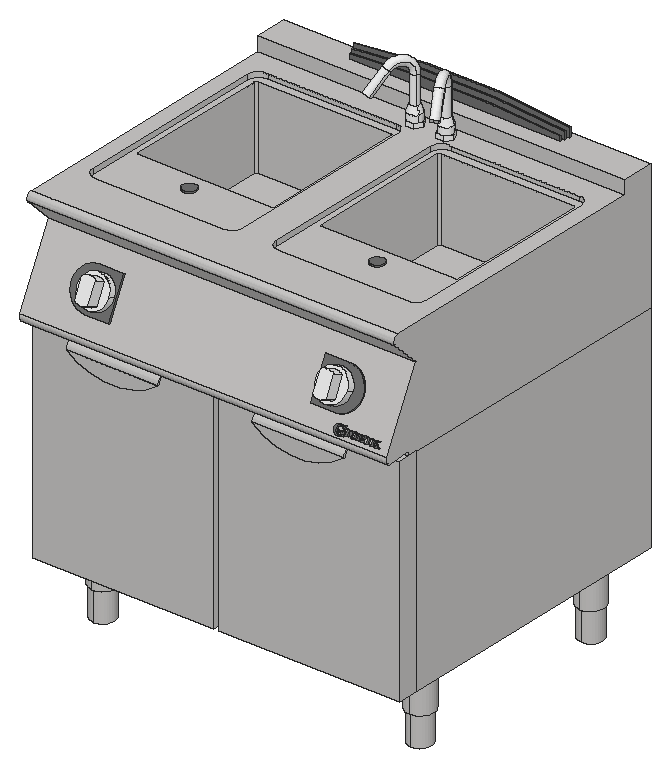
Revit family "QF_GIORIK_CPG746", category Specialty Equipment, Revit 2014
Parameters (values of type "CPG746")
  Weight in Pounds = 176.3696
  Waste Water Discharge Temperature [instance] = 0 °C
  URL Cutsheet = "www.giorik.com"
  URL = "www.giorik.com"
  Status [instance] = ""
  Specification by User [instance] = ""
  Specification by Manufacturer = ""
  Show Logo [instance] = yes
  Show Clearance [instance] = yes
  Serial Number = ""
  Seismic Rating = ""
  SMACNA No = ""
  Revision Code [instance] = ""
  Plumbing Remarks [instance] = ""
  Plumbing Connection Type [instance] = ""
  NAFEM Spec ID Number = ""
  Model = "CPG746"
  Masterspec = ""
  Manufacturer = "GIORIK"
  Item Number [instance] = ""
  Installed By [instance] = ""
  Indirect Waste Size = 1"
  Indirect Waste Flow = 0.0 L/s
  Indirect Waste Connection Type [instance] = ""
  Indirect Waste Connection Height [instance] = 150 mm
  Identify Quantity as Lot [instance] = no
  Gas Size = 1"
  Gas RI Height [instance] = 0 mm
  Gas KW = 20
  Gas Input = 20000 W
  Gas Connection Height [instance] = 150 mm
  Furnished By [instance] = ""
  Foodservice Equipment Identifier [instance] = yes
  Description = "26+26 LITRE TWIN TANK GAS PASTA COOKER."
  Cold Water Temperature Recommended = 0 °C
  Cold Water Size = 1/2"
  Cold Water RI Height [instance] = 150 mm
  Cold Water Minimum Pressure = 20000.0 Pa
  Cold Water Maximum Pressure = 50000.0 Pa
  Cold Water Flow [instance] = 0.0 L/s
  Cold Water Consumption [instance] = ""
  Cold Water Connection Height [instance] = 150 mm
  CSI MasterFormat = ""
  Assembly Code = "E1090320"
Reference planes
  plane 1 "Back": y = 0
  plane 2: z = 0
  plane 3 "Left": x = 0
  plane 4 "Right": x = 800
  plane 5 "Front": y = -720
  plane 6 "Top": z = 900
Forms (mm)
  Extrusion 1, solid, visible <- "Show Logo"
    sketch origin (586.604, -736.761, 609.486) x (-1, 0, 0) y (0, 0.452718, 0.891654)
      loop
        line (-118.824, 58.358) -> (-127.804, 58.358) -> (-125.523, 56.445) -> (-125.523, 48.027) -> (-127.804, 46.113) -> (-118.824, 46.113) -> (-121.105, 48.027) -> (-121.105, 56.445) -> (-118.824, 58.358)
      loop
        line (-163.721, 58.358) -> (-172.7, 58.358) -> (-170.42, 56.445) -> (-170.42, 48.027) -> (-172.7, 46.113) -> (-163.721, 46.113) -> (-166.001, 48.027) -> (-166.001, 56.445) -> (-163.721, 58.358)
      loop
        line (-174.332, 58.358) -> (-183.312, 58.358) -> (-181.031, 56.445) -> (-181.031, 52.435) -> (-186.419, 56.955) -> (-184.416, 58.358) -> (-191.268, 58.358) -> (-188.01, 56.839) -> (-185.455, 54.283) -> (-190.846, 47.858) -> (-193.396, 46.93) -> (-193.396, 46.113) -> (-184.416, 46.113) -> (-185.437, 47.571) -> (-182.443, 51.552) -> (-181.031, 50.894) -> (-181.031, 48.027) -> (-183.312, 46.113) -> (-174.332, 46.113) -> (-176.613, 48.027) -> (-176.613, 56.445) -> (-174.332, 58.358)
      loop
        line (-115.429, 62.063) -> (-115.429, 54.198)
        arc (-115.429, 54.198) -> (-111.618, 57.803) -> (-106.847, 59.986) r 16.039
        arc (-106.847, 59.986) -> (-103.314, 59.837) -> (-100.512, 57.68) r 5.851
        arc (-100.512, 57.68) -> (-98.815, 52.267) -> (-100.512, 46.853) r 9.479
        arc (-100.512, 46.853) -> (-102.406, 44.986) -> (-104.846, 43.93) r 7.236
        arc (-104.846, 43.93) -> (-107.728, 44.111) -> (-110.052, 45.825) r 5.11
        line (-110.052, 45.825) -> (-110.052, 52.001) -> (-116.141, 52.001) -> (-116.141, 45.503) -> (-117.893, 43.751) -> (-114.094, 44.769)
        arc (-114.094, 44.769) -> (-112.56, 44.947) -> (-111.129, 44.366) r 3.115
        arc (-111.129, 44.366) -> (-104.216, 42.091) -> (-97.303, 44.366) r 11.641
        arc (-97.303, 44.366) -> (-93.396, 52.107) -> (-97.303, 59.849) r 9.622
        arc (-97.303, 59.849) -> (-104.369, 62.174) -> (-111.435, 59.849) r 11.898
        line (-111.435, 59.849) -> (-115.429, 62.063)
      loop
        arc (-129.234, 56.068) -> (-135.893, 58.628) -> (-142.552, 56.068) r 9.941
        arc (-142.552, 56.068) -> (-144.234, 52.286) -> (-142.552, 48.505) r 5.093
        arc (-142.552, 48.505) -> (-135.893, 45.945) -> (-129.234, 48.505) r 9.941
        arc (-129.234, 48.505) -> (-127.552, 52.286) -> (-129.234, 56.068) r 5.093
      loop
        arc (-132.628, 54.403) -> (-135.893, 57.668) -> (-139.158, 54.403) r 3.265
        line (-139.158, 54.403) -> (-139.158, 50.169)
        arc (-139.158, 50.169) -> (-135.893, 46.904) -> (-132.628, 50.169) r 3.265
        line (-132.628, 50.169) -> (-132.628, 54.403)
      loop
        arc (-156.363, 58.365) -> (-159.647, 55.081) -> (-156.363, 51.796) r 3.285
        line (-156.363, 51.796) -> (-159.529, 47.306) -> (-162.087, 46.113) -> (-155.847, 46.113) -> (-153.529, 51.083) -> (-150.637, 51.083) -> (-150.637, 47.784) -> (-153.022, 46.113) -> (-144.011, 46.113) -> (-146.094, 47.68) -> (-146.094, 56.493) -> (-144.229, 58.365) -> (-156.363, 58.365)
      loop
        line (-150.637, 57.512) -> (-153.637, 57.512)
        arc (-153.637, 57.512) -> (-156.237, 54.912) -> (-153.637, 52.312) r 2.6
        line (-153.637, 52.312) -> (-150.637, 52.312) -> (-150.637, 57.512)
      loop
        line (-108.924, 52.001) -> (-104.936, 49.005) -> (-100.948, 52.001) -> (-108.924, 52.001)
    from 1.5 to -0.5
  Extrusion 2, solid
    sketch origin (-16, 1025.81, 0) x (1, 0, 0) y (0, 1, 0)
      loop
        line (25, -1086.81) -> (25, -1156.81) -> (115, -1156.81) -> (115, -1086.81) -> (25, -1086.81)
    from 148 to 150
  Extrusion 3, solid
    sketch origin (35, -65, 130) x (1, 0, 0) y (0, 1, 0)
      loop
        circle (54, -385) r 12.5
    from 0 to 20
  Extrusion 4, solid
    sketch origin (0, 1000, -20) x (0, 1, 0) y (0, 0, 1)
      loop
        line (-1000, 919.988) -> (-1070, 919.988) -> (-1070, 889.988) -> (-1688.806, 889.988)
        arc (-1688.806, 889.988) -> (-1699.151, 883.075) -> (-1696.724, 870.873) r 11.197
        line (-1696.724, 870.873) -> (-1640.876, 815.025) -> (-1718.948, 661.258)
        arc (-1718.948, 661.258) -> (-1718.233, 650.105) -> (-1708.118, 645.354) r 10.981
        line (-1708.118, 645.354) -> (-1660, 649.925) -> (-1660, 640) -> (-1000, 640) -> (-1000, 919.988)
    from 0 to 800
  Extrusion 5, solid
    sketch origin (0, 0, 599.536) x (1, 0, 0) y (0, 1, 0)
      loop
        line (0, -640) -> (40, -640) -> (40, -40) -> (760, -40) -> (760, -640) -> (800, -640) -> (800, 0) -> (0, 0) -> (0, -640)
    from -449.536 to 20.464
  Extrusion 6, solid
    sketch origin (0, 0, 0) x (1, 0, 0) y (0, 1, 0)
      loop
        line (40, -40) -> (40, -640) -> (760, -640) -> (760, -40) -> (40, -40)
    from 150 to 190
  Extrusion 7, solid
    sketch origin (-16, 560.81, 0) x (1, 0, 0) y (0, 1, 0)
      loop
        line (25, -1086.81) -> (25, -1156.81) -> (115, -1156.81) -> (115, -1086.81) -> (25, -1086.81)
    from 148 to 150
  Revolve 8, solid
    sketch origin (54, 560.81, 0) x (0, 1, 0) y (0, 0, 1)
      loop
        line (-1092.56, 66) -> (-1092.56, 148) -> (-1121.81, 148) -> (-1121.81, 0) -> (-1096.81, 0) -> (-1096.81, 66) -> (-1092.56, 66)
      axis (-1121.81, 0) -> (-1121.81, 148)
    angle from 0 to 360
  Revolve 9, solid
    sketch origin (54, 1025.81, 0) x (0, 1, 0) y (0, 0, 1)
      loop
        line (-1092.56, 66) -> (-1092.56, 148) -> (-1121.81, 148) -> (-1121.81, 0) -> (-1096.81, 0) -> (-1096.81, 66) -> (-1092.56, 66)
      axis (-1121.81, 0) -> (-1121.81, 148)
    angle from 0 to 360
  Extrusion 10, solid
    sketch origin (816, 560.81, 0) x (-1, 0, 0) y (0, -1, 0)
      loop
        line (25, 1086.81) -> (115, 1086.81) -> (115, 1156.81) -> (25, 1156.81) -> (25, 1086.81)
    from 148 to 150
  Revolve 11, solid
    sketch origin (746, 560.81, 0) x (0, 1, 0) y (0, 0, -1)
      loop
        line (-1092.56, -66) -> (-1096.81, -66) -> (-1096.81, 0) -> (-1121.81, 0) -> (-1121.81, -148) -> (-1092.56, -148) -> (-1092.56, -66)
      axis (-1121.81, 0) -> (-1121.81, -148)
    angle from 0 to 360
  Extrusion 12, solid
    sketch origin (816, -1217.81, 0) x (-1, 0, 0) y (0, -1, 0)
      loop
        line (25, -1086.81) -> (25, -1156.81) -> (115, -1156.81) -> (115, -1086.81) -> (25, -1086.81)
    from 148 to 150
  Revolve 13, solid
    sketch origin (746, -1217.81, 0) x (0, -1, 0) y (0, 0, 1)
      loop
        line (-1092.56, 66) -> (-1092.56, 148) -> (-1121.81, 148) -> (-1121.81, 0) -> (-1096.81, 0) -> (-1096.81, 66) -> (-1092.56, 66)
      axis (-1121.81, 0) -> (-1121.81, 148)
    angle from 0 to 360
  Extrusion 14, solid
    sketch origin (-283.221, -963.345, 52.363) x (1, 0, 0) y (0, 0.452718, 0.891654)
      loop
        line (463.221, 676.25) -> (463.221, 766.25) -> (409.698, 766.25)
        arc (409.698, 766.25) -> (364.698, 721.25) -> (409.698, 676.25) r 45
        line (409.698, 676.25) -> (463.221, 676.25)
    from 48 to 50
  Extrusion 15, solid
    sketch origin (491.331, -1008.697, 74.959) x (-1, 0, 0) y (0, -0.45351, -0.891251)
      loop
        circle (351.331, -721.346) r 35
    from 0 to 15
  Extrusion 16, solid
    sketch origin (491.331, -1008.697, 74.959) x (-1, 0, 0) y (0, -0.45351, -0.891251)
      loop
        arc (336.331, -743.846) -> (351.331, -748.846) -> (366.331, -743.846) r 25
        line (366.331, -743.846) -> (366.331, -698.846)
        arc (366.331, -698.846) -> (351.331, -693.846) -> (336.331, -698.846) r 25
        line (336.331, -698.846) -> (336.331, -743.846)
    from 15 to 40
  Extrusion 17, void
    sketch origin (0, 0, 819.988) x (0, 1, 0) y (-1, 0, 0)
      loop
        arc (-120, -60) -> (-127.322, -42.322) -> (-145, -35) r 25
        line (-145, -35) -> (-565.002, -35)
        arc (-565.002, -35) -> (-582.68, -42.322) -> (-590.002, -60) r 25
        line (-590.002, -60) -> (-590.002, -340)
        arc (-590.002, -340) -> (-582.68, -357.678) -> (-565.002, -365) r 25
        line (-565.002, -365) -> (-145, -365)
        arc (-145, -365) -> (-127.322, -357.678) -> (-120, -340) r 25
        line (-120, -340) -> (-120, -60)
    from -137.243 to 50
  Extrusion 18, solid
    sketch origin (-224, -316, 100) x (0, 1, 0) y (-1, 0, 0)
      loop
        circle (-54, -313) r 6.35
    from 30 to 50
  Extrusion 19, solid
    sketch origin (136, -286, 100) x (0, 1, 0) y (-1, 0, 0)
      loop
        circle (-129, -162) r 12.4
    from 30 to 50
  Extrusion 20, solid
    sketch origin (0, 0, 809.988) x (0, 1, 0) y (-1, 0, 0)
      loop
        line (-140, -345) -> (-140, -55)
        arc (-140, -55) -> (-141.464, -51.464) -> (-145, -50) r 5
        line (-145, -50) -> (-460.364, -50)
        arc (-460.364, -50) -> (-463.899, -51.464) -> (-465.364, -55) r 5
        line (-465.364, -55) -> (-465.364, -345)
        arc (-465.364, -345) -> (-463.899, -348.536) -> (-460.364, -350) r 5
        line (-460.364, -350) -> (-145, -350)
        arc (-145, -350) -> (-141.464, -348.536) -> (-140, -345) r 5
      loop
        arc (-126.33, -368.87) -> (-119.259, -365.941) -> (-116.33, -358.87) r 10
        line (-116.33, -358.87) -> (-116.33, -40.28)
        arc (-116.33, -40.28) -> (-119.259, -33.209) -> (-126.33, -30.28) r 10
        line (-126.33, -30.28) -> (-586, -30.28)
        arc (-586, -30.28) -> (-593.071, -33.209) -> (-596, -40.28) r 10
        line (-596, -40.28) -> (-596, -358.87)
        arc (-596, -358.87) -> (-593.071, -365.941) -> (-586, -368.87) r 10
        line (-586, -368.87) -> (-126.33, -368.87)
    from -136.122 to 50
  Extrusion 21, solid
    sketch origin (-4.529, -25.827, 861.988) x (0, 1, 0) y (-1, 0, 0)
      loop
        circle (-476.382, -199.529) r 15
    from -2 to 0
  Extrusion 22, solid
    sketch origin (1083.221, -963.345, 52.363) x (-1, 0, 0) y (0, -0.452718, -0.891654)
      loop
        line (463.221, -676.25) -> (409.698, -676.25)
        arc (409.698, -676.25) -> (364.698, -721.25) -> (409.698, -766.25) r 45
        line (409.698, -766.25) -> (463.221, -766.25) -> (463.221, -676.25)
    from 48 to 50
  Extrusion 23, solid
    sketch origin (308.669, -1008.697, 74.959) x (1, 0, 0) y (0, 0.45351, 0.891251)
      loop
        circle (351.331, 721.346) r 35
    from 0 to 15
  Extrusion 24, solid
    sketch origin (308.669, -1008.697, 74.959) x (1, 0, 0) y (0, 0.45351, 0.891251)
      loop
        line (336.331, 743.846) -> (336.331, 698.846)
        arc (336.331, 698.846) -> (351.331, 693.846) -> (366.331, 698.846) r 25
        line (366.331, 698.846) -> (366.331, 743.846)
        arc (366.331, 743.846) -> (351.331, 748.846) -> (336.331, 743.846) r 25
    from 15 to 40
  Extrusion 25, solid
    sketch origin (800, 0, 809.988) x (0, 1, 0) y (-1, 0, 0)
      loop
        arc (-140, 345) -> (-141.464, 348.536) -> (-145, 350) r 5
        line (-145, 350) -> (-460.364, 350)
        arc (-460.364, 350) -> (-463.899, 348.536) -> (-465.364, 345) r 5
        line (-465.364, 345) -> (-465.364, 55)
        arc (-465.364, 55) -> (-463.899, 51.464) -> (-460.364, 50) r 5
        line (-460.364, 50) -> (-145, 50)
        arc (-145, 50) -> (-141.464, 51.464) -> (-140, 55) r 5
        line (-140, 55) -> (-140, 345)
      loop
        line (-126.33, 368.87) -> (-586, 368.87)
        arc (-586, 368.87) -> (-593.071, 365.941) -> (-596, 358.87) r 10
        line (-596, 358.87) -> (-596, 40.28)
        arc (-596, 40.28) -> (-593.071, 33.209) -> (-586, 30.28) r 10
        line (-586, 30.28) -> (-126.33, 30.28)
        arc (-126.33, 30.28) -> (-119.259, 33.209) -> (-116.33, 40.28) r 10
        line (-116.33, 40.28) -> (-116.33, 358.87)
        arc (-116.33, 358.87) -> (-119.259, 365.941) -> (-126.33, 368.87) r 10
    from -136.122 to 50
  Extrusion 26, solid
    sketch origin (804.529, -25.827, 861.988) x (0, 1, 0) y (-1, 0, 0)
      loop
        circle (-476.382, 199.529) r 15
    from -2 to 0
  Extrusion 27, solid
    sketch origin (36.031, 0, -10.001) x (1, 0, 0) y (0, 0, 1)
      loop
        line (135, 909.989) -> (592.969, 909.989) -> (592.969, 919.989) -> (440.969, 929.989) -> (287, 929.989) -> (135, 919.989) -> (135, 909.989)
    from 32 to 35
  Extrusion 28, solid
    sketch origin (38, 10, -10.001) x (1, 0, 0) y (0, 0, 1)
      loop
        line (594, 909.989) -> (594, 924.989) -> (440, 937.489) -> (284, 937.489) -> (130, 925.001) -> (130, 909.989) -> (594, 909.989)
    from 32 to 35
  Extrusion 29, solid
    sketch origin (40, 20, -10.001) x (1, 0, 0) y (0, 0, 1)
      loop
        line (595, 909.989) -> (595, 930.001) -> (439, 945.258) -> (281, 945.258) -> (125, 929.989) -> (125, 909.989) -> (595, 909.989)
    from 32 to 35
  Extrusion 30, void
    sketch origin (400, 0, 819.988) x (0, 1, 0) y (-1, 0, 0)
      loop
        arc (-120, -60) -> (-127.322, -42.322) -> (-145, -35) r 25
        line (-145, -35) -> (-565.002, -35)
        arc (-565.002, -35) -> (-582.68, -42.322) -> (-590.002, -60) r 25
        line (-590.002, -60) -> (-590.002, -340)
        arc (-590.002, -340) -> (-582.68, -357.678) -> (-565.002, -365) r 25
        line (-565.002, -365) -> (-145, -365)
        arc (-145, -365) -> (-127.322, -357.678) -> (-120, -340) r 25
        line (-120, -340) -> (-120, -60)
    from -137.243 to 50
  Extrusion 31, solid
    sketch origin (536, -286, 100) x (0, 1, 0) y (-1, 0, 0)
      loop
        circle (-129, -162) r 12.5
    from 30 to 50
  Revolve 32, solid
    sketch origin (-204.879, 177.988, -15.012) x (0.898794, -0.438371, 0) y (0, 0, 1)
      loop
        line (635, 895) -> (650, 895) -> (650, 910) -> (645, 925) -> (635, 925) -> (635, 895)
      axis (635, 925) -> (635, 895)
    angle from 0 to 360
  Sweep 33, solid
    path origin (469.75, 112.637, -15.012) x (0.438371, 0.898794, 0) y (0, 0, 1)
      loop
        line (-237, 925) -> (-237, 986.382)
        arc (-237, 986.382) -> (-256.494, 1014.482) -> (-289.641, 1006.064) r 30
        line (-289.641, 1006.064) -> (-326.852, 963.258)
    profile origin (365.856, -100.377, 940.679) x (-0.438371, -0.898794, 0) y (0.898794, -0.438371, 0)
      loop
        circle (0, 0) r 9
  Extrusion 34, solid
    sketch origin (-684.343, 1018.797, 884.988) x (-0.779686, 0.626171, 0) y (-0.626171, -0.779686, 0)
      loop
        line (-1502.427, 209.668) -> (-1506.406, 227.223) -> (-1523.598, 232.555) -> (-1536.811, 220.332) -> (-1532.833, 202.777) -> (-1515.641, 197.445) -> (-1502.427, 209.668)
    from -15 to -5
  Revolve 35, solid
    sketch origin (1004.879, 177.988, -15.012) x (-0.898794, -0.438371, 0) y (0, 0, -1)
      loop
        line (635, -895) -> (635, -925) -> (645, -925) -> (650, -910) -> (650, -895) -> (635, -895)
      axis (635, -925) -> (635, -895)
    angle from 0 to 360
  Sweep 36, solid
    path origin (330.25, 112.637, -15.012) x (-0.438371, 0.898794, 0) y (0, 0, -1)
      loop
        line (-237, -925) -> (-237, -986.382)
        arc (-237, -986.382) -> (-256.494, -1014.482) -> (-289.641, -1006.064) r 30
        line (-289.641, -1006.064) -> (-326.852, -963.258)
    profile origin (434.144, -100.377, 940.679) x (-0.438371, 0.898794, 0) y (-0.898794, -0.438371, 0)
      loop
        circle (0, 0) r 9
  Extrusion 37, solid
    sketch origin (1484.343, 1018.797, 884.988) x (0.779686, 0.626171, 0) y (-0.626171, 0.779686, 0)
      loop
        line (-1502.427, -209.668) -> (-1515.641, -197.445) -> (-1532.833, -202.777) -> (-1536.811, -220.332) -> (-1523.598, -232.555) -> (-1506.406, -227.223) -> (-1502.427, -209.668)
    from -15 to -5
  Extrusion 38, solid
    sketch origin (0, -725, 0) x (1, 0, 0) y (0, 0, 1)
      loop
        line (0, 620) -> (0, 150) -> (395, 150) -> (395, 620) -> (0, 620)
      loop
        line (405, 150) -> (800, 150) -> (800, 620) -> (405, 620) -> (405, 150)
    from -85 to -40
  Extrusion 39, solid
    sketch origin (0, -725, -20.1) x (0, 1, 0) y (0, 0, 1)
      loop
        arc (25, 640.1) -> (14.393, 635.707) -> (10, 625.1) r 15
        line (10, 625.1) -> (12, 625.1)
        arc (12, 625.1) -> (15.808, 634.292) -> (25, 638.1) r 13
        line (25, 638.1) -> (40, 638.1) -> (40, 640.1) -> (25, 640.1)
    from 97.5 to 297.5
  Extrusion 40, solid
    sketch origin (0, -724.905, -20.1) x (1, 0, 0) y (0, 0, 1)
      loop
        arc (97.5, 625.1) -> (197.5, 590.089) -> (297.5, 625.1) r 160.316
        line (297.5, 625.1) -> (97.5, 625.1)
    from -11.905 to -9.905
  Extrusion 41, solid
    sketch origin (405, -725, -20.1) x (0, 1, 0) y (0, 0, 1)
      loop
        arc (25, 640.1) -> (14.393, 635.707) -> (10, 625.1) r 15
        line (10, 625.1) -> (12, 625.1)
        arc (12, 625.1) -> (15.808, 634.292) -> (25, 638.1) r 13
        line (25, 638.1) -> (40, 638.1) -> (40, 640.1) -> (25, 640.1)
    from 97.5 to 297.5
  Extrusion 42, solid
    sketch origin (405, -724.905, -20.1) x (1, 0, 0) y (0, 0, 1)
      loop
        arc (97.5, 625.1) -> (197.5, 590.089) -> (297.5, 625.1) r 160.316
        line (297.5, 625.1) -> (97.5, 625.1)
    from -11.905 to -9.905
  Extrusion 43, solid, visible <- "Show Clearance", detail levels coarse
    sketch origin (0, -725, 0) x (1, 0, 0) y (0, 1, 0)
      loop
        line (0, 40) -> (0, -355)
        arc (0, -355) -> (279.307, -239.307) -> (395, 40) r 395
        line (395, 40) -> (0, 40)
      loop
        line (800, 40) -> (405, 40)
        arc (405, 40) -> (520.693, -239.307) -> (800, -355) r 395
        line (800, -355) -> (800, 40)
    from 150 to 620
Cuts and joins
  Extrusion 17, Extrusion 30 cuts Extrusion 4
  Extrusion 30 cuts Extrusion 20
  Extrusion 30 cuts Extrusion 21
Lines and regions (mm)
  symbolic lines, style "200-EquipBorder-2D"
    curve 1: line (0, -720, 0) -> (800, -720, 0)
    curve 2: line (800, -720, 0) -> (800, 0, 0)
    curve 3: line (800, 0, 0) -> (0, 0, 0)
    curve 4: line (0, 0, 0) -> (0, -720, 0)
  symbolic lines, style "200-EquipInternal-2D"
    curve 5: line (0, -70, 900) -> (800, -70, 900)
    curve 6: line (340, -120, 900) -> (60, -120, 900)
    curve 7: arc (60, -120, 900) -> (42.322, -127.322, 900) -> (35, -145, 900) r 25
    curve 8: line (35, -145, 900) -> (35, -565, 900)
    curve 9: arc (340, -590, 900) -> (357.678, -582.678, 900) -> (365, -565, 900) r 25
    curve 10: line (60, -590, 900) -> (340, -590, 900)
    curve 11: arc (35, -565, 900) -> (42.322, -582.678, 900) -> (60, -590, 900) r 25
    curve 12: line (55, -140, 900) -> (336.517, -140, 900)
    curve 13: line (345, -465.364, 900) -> (55, -465.364, 900)
    curve 14: arc (55, -140, 900) -> (51.464, -141.464, 900) -> (50, -145, 900) r 5
    curve 15: arc (350, -460.364, 900) -> (348.536, -463.899, 900) -> (345, -465.364, 900) r 5
    curve 16: circle (195, -502.209, 900) r 15 normal (0, 0, 1)
    curve 17: line (50, -460.364, 900) -> (50, -145, 900)
    curve 18: line (350, -153.417, 900) -> (350, -460.364, 900)
    curve 19: line (460, -120, 900) -> (740, -120, 900)
    curve 20: arc (740, -120, 900) -> (757.678, -127.322, 900) -> (765, -145, 900) r 25
    curve 21: line (765, -145, 900) -> (765, -565, 900)
    curve 22: line (435, -565, 900) -> (435, -145, 900)
    curve 23: arc (460, -590, 900) -> (442.322, -582.678, 900) -> (435, -565, 900) r 25
    curve 24: line (740, -590, 900) -> (460, -590, 900)
    curve 25: arc (765, -565, 900) -> (757.678, -582.678, 900) -> (740, -590, 900) r 25
    curve 26: line (745, -140, 900) -> (463.483, -140, 900)
    curve 27: line (455, -465.364, 900) -> (745, -465.364, 900)
    curve 28: arc (745, -140, 900) -> (748.536, -141.464, 900) -> (750, -145, 900) r 5
    curve 29: arc (450, -460.364, 900) -> (451.464, -463.899, 900) -> (455, -465.364, 900) r 5
    curve 30: circle (605, -502.209, 900) r 15 normal (0, 0, -1)
    curve 31: line (750, -460.364, 900) -> (750, -145, 900)
    curve 32: line (165, -15, 900) -> (635, -15, 900)
    curve 33: line (171.031, -35, 900) -> (629, -35, 900)
    curve 34: line (629, -32, 900) -> (171.031, -32, 900)
    curve 35: line (168, -25, 900) -> (632, -25, 900)
    curve 36: line (171.031, -32, 900) -> (171.031, -35, 900)
    curve 37: line (168, -22, 900) -> (168, -25, 900)
    curve 38: line (165, -12, 900) -> (165, -15, 900)
    curve 39: line (635, -12, 900) -> (165, -12, 900)
    curve 40: line (632, -22, 900) -> (168, -22, 900)
    curve 41: line (635, -15, 900) -> (635, -12, 900)
    curve 42: line (632, -25, 900) -> (632, -22, 900)
    curve 43: line (629, -35, 900) -> (629, -32, 900)
    curve 44: line (365, -565.002, 900) -> (365, -145, 900)
    curve 45: arc (360.837, -131.186, 900) -> (363.937, -137.786, 900) -> (365, -145, 900) r 25
    curve 46: arc (439.156, -131.197, 900) -> (436.061, -137.793, 900) -> (435, -145, 900) r 25
    curve 47: line (450, -460.364, 900) -> (450, -153.417, 900)
    curve 48: line (373.945, -104.323, 900) -> (334.556, -185.081, 900)
    curve 49: line (357.767, -96.432, 900) -> (318.378, -177.19, 900)
    curve 50: spline (334.556, -185.081, 900) -> (333.51, -186.526, 900) -> (331.984, -187.605, 900) -> (330.082, -188.242, 900) -> (327.933, -188.395, 900) -> (325.685, -188.054, 900) -> (323.49, -187.24, 900) -> (321.497, -186.011, 900) -> (319.844, -184.45, 900) -> (318.642, -182.663, 900) -> (317.973, -180.771, 900) -> (317.883, -178.905, 900) -> (318.378, -177.19, 900)
    curve 51: line (373.746, -84.199, 900) -> (355.79, -85.455, 900)
    curve 52: line (383.812, -99.122, 900) -> (373.746, -84.199, 900)
    curve 53: line (375.921, -115.3, 900) -> (383.812, -99.122, 900)
    curve 54: line (347.9, -101.633, 900) -> (352.154, -107.94, 900)
    curve 55: line (355.79, -85.455, 900) -> (347.9, -101.633, 900)
    curve 56: arc (368.684, -115.108, 900) -> (372.431, -86.895, 900) -> (352.506, -107.217, 900) r 15
    curve 57: arc (373.945, -104.323, 900) -> (369.801, -92.288, 900) -> (357.767, -96.432, 900) r 9
    curve 58: line (368.332, -115.831, 900) -> (375.921, -115.3, 900)
    curve 59: line (426.055, -104.323, 900) -> (465.444, -185.081, 900)
    curve 60: line (442.233, -96.432, 900) -> (481.622, -177.19, 900)
    curve 61: spline (465.444, -185.081, 900) -> (466.49, -186.526, 900) -> (468.016, -187.605, 900) -> (469.918, -188.242, 900) -> (472.067, -188.395, 900) -> (474.315, -188.054, 900) -> (476.51, -187.24, 900) -> (478.503, -186.011, 900) -> (480.156, -184.45, 900) -> (481.358, -182.663, 900) -> (482.027, -180.771, 900) -> (482.117, -178.905, 900) -> (481.622, -177.19, 900)
    curve 62: line (426.254, -84.199, 900) -> (444.21, -85.455, 900)
    curve 63: line (416.188, -99.122, 900) -> (426.254, -84.199, 900)
    curve 64: line (424.079, -115.3, 900) -> (416.188, -99.122, 900)
    curve 65: line (452.1, -101.633, 900) -> (447.846, -107.94, 900)
    curve 66: line (444.21, -85.455, 900) -> (452.1, -101.633, 900)
    curve 67: arc (431.316, -115.108, 900) -> (427.569, -86.895, 900) -> (447.494, -107.217, 900) r 15
    curve 68: arc (426.055, -104.323, 900) -> (430.199, -92.288, 900) -> (442.233, -96.432, 900) r 9
    curve 69: line (431.668, -115.831, 900) -> (424.079, -115.3, 900)
    curve 70: arc (340, -120, 900) -> (342.983, -120.179, 900) -> (345.924, -120.712, 900) r 24.998
    curve 71: arc (454.076, -120.712, 900) -> (457.017, -120.179, 900) -> (460, -120, 900) r 24.998
    curve 76: arc (750, -460.364, 900) -> (748.536, -463.899, 900) -> (745, -465.364, 900) r 5
    curve 77: arc (55, -465.364, 900) -> (51.464, -463.899, 900) -> (50, -460.364, 900) r 5
  symbolic lines, style "QF_Door-Drawer Clearances", visible <- "Show Clearance", detail levels coarse
    curve 72: arc (0, -1080, 0) -> (266.646, -976.419, 0) -> (393.446, -720, 0) r 395
    curve 73: arc (406.554, -720, 0) -> (533.354, -976.419, 0) -> (800, -1080, 0) r 395
    curve 74: line (800, -1080, 0) -> (800, -720, 0)
    curve 75: line (0, -720, 0) -> (0, -1080, 0)
Dimensions and locks
  plane 3 "Left" to plane 4 "Right" = 800 mm
  plane 5 "Front" to plane 1 "Back" = 720 mm
  plane 4 "Right" to plane 3 "Left" = 800 mm
  plane 1 "Back" to plane 5 "Front" = 720 mm
  plane 6 "Top" to level = 900 mm  (x2)
  aligned and locked: level to plane 2
Connectors
  piping at (89, -370, 130), diameter 12.7, driven by "Cold Water Size", driven by "Cold Water Flow"
    settings: on Extrusion 18, index 2, connector inside diameter 24", connector length 0 mm, flow factor 0, pipe flow 0.0 L/s, pressure drop 0.0 Pa, fitting loss kfactor 0, connector angle 0.00°, fixture units 0, engagement length 0 mm, angle of deflection 0.00°, flow configuration 1, flow direction 1, fitting loss method 0, system type 20, joint type 0, gender type 0, connector reference index -1, connector utility 0, adjustable connector no, is connector primary yes, connector description "Water inlet"
  piping at (298, -415, 130), diameter 25.4, driven by "Indirect Waste Size", driven by "Indirect Waste Flow"
    settings: on Extrusion 19, index 3, connector inside diameter 24", connector length 0 mm, flow factor 0, pipe flow 0.0 L/s, pressure drop 0.0 Pa, fitting loss kfactor 0, connector angle 0.00°, fixture units 0, engagement length 0 mm, angle of deflection 0.00°, flow configuration 1, flow direction 2, fitting loss method 0, system type 16, joint type 0, gender type 0, connector reference index -1, connector utility 0, adjustable connector no, is connector primary no, connector description "Drain connection"
  piping at (89, -450, 130), diameter 25.4, driven by "Gas Size"
    settings: on Extrusion 3, index 4, connector inside diameter 24", connector length 0 mm, flow factor 0, pipe flow 0.0 L/s, pressure drop 0.0 Pa, fitting loss kfactor 0, connector angle 0.00°, fixture units 0, engagement length 0 mm, angle of deflection 0.00°, flow configuration 1, flow direction 1, fitting loss method 0, system type 22, joint type 0, gender type 0, connector reference index -1, connector utility 0, adjustable connector no, is connector primary no, connector description "Gas inlet"
  piping at (698, -415, 130), diameter 25.4, driven by "Indirect Waste Size", driven by "Indirect Waste Flow"
    settings: on Extrusion 31, index 5, connector inside diameter 24", connector length 0 mm, flow factor 0, pipe flow 0.0 L/s, pressure drop 0.0 Pa, fitting loss kfactor 0, connector angle 0.00°, fixture units 0, engagement length 0 mm, angle of deflection 0.00°, flow configuration 1, flow direction 2, fitting loss method 0, system type 16, joint type 0, gender type 0, connector reference index -1, connector utility 0, adjustable connector no, is connector primary no, connector description "Drain connection"
